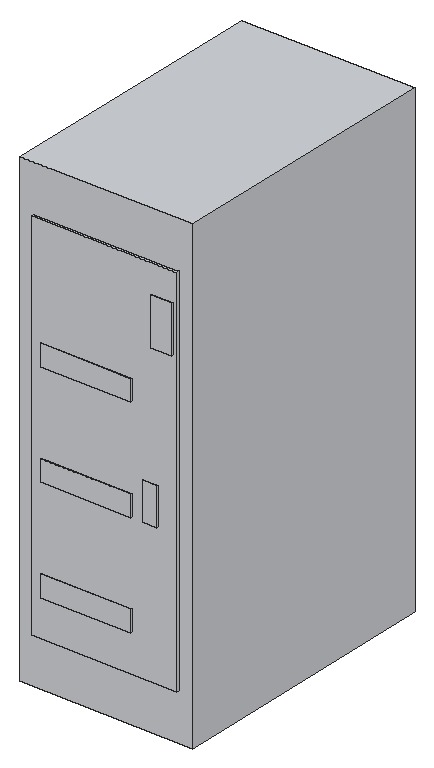
Revit family "GIS_MV_BusCoupler", category Equipamento elétrico, Revit 2027
Family settings
  Configuração do painel = Duas colunas, circuitos transversais
  Cota do conector redondo = Utilizar diâmetro
  Tipo de parte = Painel de controle
  Com base no plano de trabalho = Não
  Sempre na vertical = Sim
  Corte com vazios quando carregada = Não
  Manter orientação da anotação = Não
  Compartilhado = Não
  Ponto de cálculo do ambiente = Não
Parameters (values of type "MV_TIE_17K5_STUDY")
  Default Elevation = 0 mm
  built-in parameter 1140142 [instance] = (empty or 0)
  built-in parameter 1140140 [instance] = 1 (stored number, unit not read)
  BIM_TensaoSecundaria_kV = 0
  BIM_TensaoNominal_kV = 13.8
  BIM_TensaoClasse_kV = 17.5
  BIM_TensaoClasseSecundaria_kV = 0
  BIM_Sistema_Elemento [instance] = ""
  BIM_ReferenciaCatalogo = "Portfolio estimate; 2,000 A candidate only, switchgear manufacturer not selected"
  BIM_Profundidade = 1450 mm
  BIM_Potencia_MVA = 0
  BIM_Localizacao [instance] = ""
  BIM_Largura = 900 mm
  BIM_Impedancia_pu = 0
  BIM_FonteGeometria = "Portfolio estimate; 2,000 A candidate only, switchgear manufacturer not selected"
  BIM_Fabricante = "NAO SELECIONADO"
  BIM_EstadoGeometria = "ESTIMATED"
  BIM_EstadoEspecificacao = "PREMISSA / NAO SELECIONADO"
  BIM_DescricaoEstudo = "Cubiculo de acoplamento de barras 13.8 kV; 2,000 A e candidato, normalmente aberto por premissa."
  BIM_CorrenteReferenciaSecundaria_A = 0
  BIM_CorrenteNominal_A = 2000
  BIM_Bay [instance] = ""
  BIM_AlturaCorpoPrincipal = 2450 mm
  BIM_Altura = 2450 mm
  built-in parameter 1155100 [instance] = (empty or 0)
Reference planes
  plane 1 "Centro (Frente/Trás)": y = 0
  plane 2: z = 0
  plane 3 "Centro (Esquerda/Direita)": x = 0
  plane 4 "BIM Left": x = -450
  plane 5 "BIM Right": x = 450
  plane 6 "BIM Front": y = -725
  plane 7 "BIM Back": y = 725
Forms (mm)
  Extrusion 1, solid
    sketch origin (0, 0, 0) x (1, 0, 0) y (0, 1, 0)
      loop
        line (-450, -725) -> (450, -725) -> (450, 725) -> (-450, 725) -> (-450, -725)
    from 0 to 2450 <- "BIM_AlturaCorpoPrincipal"
  Extrusion 2, solid
    sketch origin (0, 0, 245) x (1, 0, 0) y (0, 1, 0)
      loop
        line (-378, -738.716) -> (378, -738.716) -> (378, -725) -> (-378, -725) -> (-378, -738.716)
    from 0 to 1960
  Extrusion 3, solid
    sketch origin (0, 0, 441) x (1, 0, 0) y (0, 1, 0)
      loop
        line (-324, -743.288) -> (144, -743.288) -> (144, -725) -> (-324, -725) -> (-324, -743.288)
    from 0 to 110.25
  Extrusion 4, solid
    sketch origin (0, 0, 980) x (1, 0, 0) y (0, 1, 0)
      loop
        line (-324, -743.288) -> (144, -743.288) -> (144, -725) -> (-324, -725) -> (-324, -743.288)
    from 0 to 110.25
  Extrusion 5, solid
    sketch origin (0, 0, 1519) x (1, 0, 0) y (0, 1, 0)
      loop
        line (-324, -743.288) -> (144, -743.288) -> (144, -725) -> (-324, -725) -> (-324, -743.288)
    from 0 to 110.25
  Extrusion 6, solid
    sketch origin (0, 0, 980) x (1, 0, 0) y (0, 1, 0)
      loop
        line (207, -744.812) -> (279, -744.812) -> (279, -725) -> (207, -725) -> (207, -744.812)
    from 0 to 196
  Extrusion 7, solid
    sketch origin (0, 0, 1813) x (1, 0, 0) y (0, 1, 0)
      loop
        line (252, -746.336) -> (360, -746.336) -> (360, -725) -> (252, -725) -> (252, -746.336)
    from 0 to 245
Dimensions and locks
  "BIM_Largura": plane 4 "BIM Left" to plane 5 "BIM Right"
  "BIM_Profundidade": plane 6 "BIM Front" to plane 7 "BIM Back"
  aligned and locked: level to plane 2
  aligned and locked: plane 4 "BIM Left" to Extrusion 1
  aligned and locked: Extrusion 1 to plane 5 "BIM Right"
  aligned and locked: Extrusion 1 to plane 6 "BIM Front"
  aligned and locked: plane 7 "BIM Back" to Extrusion 1
Automatic sketch dimensions
  Extrusion 1 sketch curve to plane 4 "BIM Left" = 0 mm
  Extrusion 1 sketch curve to plane 5 "BIM Right" = 0 mm
  Extrusion 1 sketch curve to plane 6 "BIM Front" = 0 mm
  Extrusion 1 sketch curve to plane 7 "BIM Back" = 0 mm
  Extrusion 2 sketch curve to plane 6 "BIM Front" = 0 mm
  Extrusion 2 sketch curve to plane 6 "BIM Front" = 13.716 mm
  Extrusion 2 sketch curve to plane 4 "BIM Left" = 72 mm
  plane 5 "BIM Right" to Extrusion 2 sketch curve = 72 mm
  Extrusion 3 sketch curve to plane 6 "BIM Front" = 0 mm
  Extrusion 3 sketch curve to plane 6 "BIM Front" = 18.288 mm
  Extrusion 3 sketch curve to plane 4 "BIM Left" = 126 mm
  plane 3 "Centro (Esquerda/Direita)" to Extrusion 3 sketch curve = 144 mm
  Extrusion 4 sketch curve to plane 6 "BIM Front" = 0 mm
  Extrusion 4 sketch curve to plane 6 "BIM Front" = 18.288 mm
  Extrusion 4 sketch curve to plane 4 "BIM Left" = 126 mm
  plane 3 "Centro (Esquerda/Direita)" to Extrusion 4 sketch curve = 144 mm
  Extrusion 5 sketch curve to plane 6 "BIM Front" = 0 mm
  Extrusion 5 sketch curve to plane 6 "BIM Front" = 18.288 mm
  Extrusion 5 sketch curve to plane 4 "BIM Left" = 126 mm
  plane 3 "Centro (Esquerda/Direita)" to Extrusion 5 sketch curve = 144 mm
  Extrusion 6 sketch curve to plane 6 "BIM Front" = 0 mm
  Extrusion 6 sketch curve to plane 6 "BIM Front" = 19.812 mm
  plane 3 "Centro (Esquerda/Direita)" to Extrusion 6 sketch curve = 207 mm
  Extrusion 6 sketch curve to Extrusion 6 sketch curve = 72 mm
  Extrusion 7 sketch curve to plane 6 "BIM Front" = 0 mm
  Extrusion 7 sketch curve to plane 6 "BIM Front" = 21.336 mm
  plane 5 "BIM Right" to Extrusion 7 sketch curve = 198 mm
  plane 5 "BIM Right" to Extrusion 7 sketch curve = 90 mm
Connectors
  electrical at (-450, 0, 1225)
    settings: on Extrusion 1, index 1, voltage 13800 V, apparent load 0 VA, apparent load phase1 0 VA, apparent load phase2 0 VA, apparent load phase3 0 VA, power factor 1, load classification "Outro", number of poles 3, system type 6, power factor state 1, is connector primary yes, connector utility no, sub classification motor no, connector description "Interface A; study port; circuit assignment is project-specific."
  electrical at (450, 0, 1225)
    settings: on Extrusion 1, index 2, voltage 13800 V, apparent load 0 VA, apparent load phase1 0 VA, apparent load phase2 0 VA, apparent load phase3 0 VA, power factor 1, load classification "Outro", number of poles 3, system type 6, power factor state 1, is connector primary no, connector utility no, sub classification motor no, connector description "Interface B; study port; circuit assignment is project-specific."
